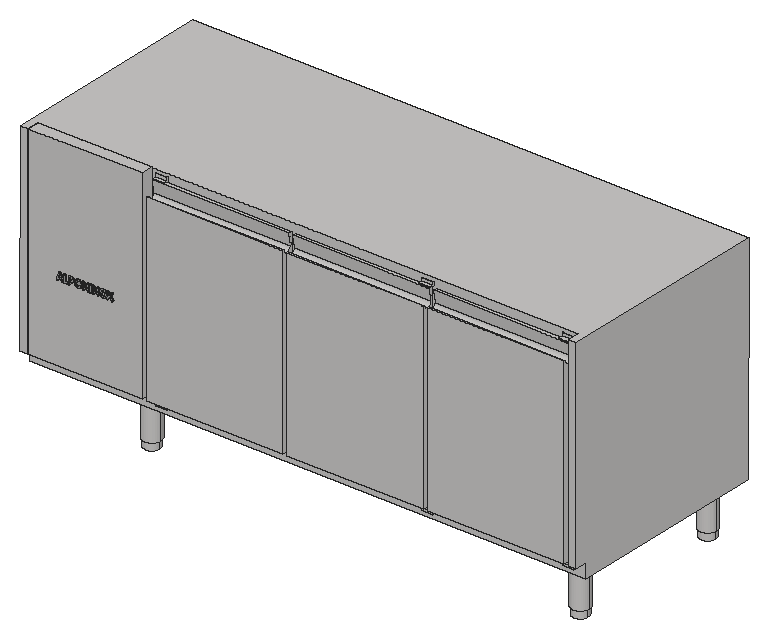
Revit family "QF_ALPENINOX_712026_AH3H7AAA", category Specialty Equipment, Revit 2018
Family settings
  Round Connector Dimension = Use Diameter
  Part Type = Normal
  Work Plane-Based = No
  Always vertical = Yes
  Cut with Voids When Loaded = No
  Shared = No
  Room Calculation Point = No
Parameters
  Weight = 0.00 kg
  Watts = 0.0232258 W
  Volts = 220 V
  URL Manufacturer = "http://www.alpeninox.com/"
  URL = "http://www.alpeninox.com/"
  Steam Supply Size = 0 mm
  Steam Supply Minimum Pressure = 0.0 Pa
  Steam Supply Maximum Pressure = 0.0 Pa
  Steam Pounds per Hour = 0
  Show Logo [instance] = yes
  Show Clearance [instance] = yes
  Refrigeration Suction Line Size = 0 mm
  Refrigeration Liquid Line Size = 0 mm
  Refrigerant Compressor Remote = yes
  Manufacturer = "Alpeninox"
  Phase = 1
  Model = "AH3H7AAA"
  Length Actual = 1795 mm  # constant formula
  Item Number = "712026"
  Hot Water Size = 0 mm
  Height Actual = 850 mm  # constant formula
  HP = "0.3 HP"
  Gas Size = 0 mm
  Gas KW = 0
  Gas Input Pressure = 0 W
  Description = "3DOORS REFRIG.TABLE 440L-NO TOP"
  Depth Actual = 700 mm  # constant formula
  Cycle = 50 Hz
  Condensate Return Size = 0 mm
  Compressed Air Volume = 0.0 L/s
  Compressed Air Size = 0 mm
  Compressed Air Pressure = 0.0 Pa
  Cold Water Size = 0 mm
  Accessory = yes
Reference planes
  plane 1 "Center X": y = 182.5
  plane 2: z = 0
  plane 3 "Center Y": x = -353.5
  plane 4: y = -62.5
  plane 5: y = 451.5
  plane 6 "BACK": y = 532.5
  plane 7 "FRONT": y = -167.5
  plane 8: x = -906
  plane 9: x = 478
  plane 10: z = 150
  plane 11 "TOP": z = 900
  plane 12: z = 850
  plane 13 "LEFT": x = -1251
  plane 14 "RIGHT": x = 544
Forms (mm)
  Extrusion 1, solid, material "QF_Finishes_Stainless Steel"
    sketch origin (-353.5, 2, 0) x (0, 1, 0) y (0, 0, 1)
      loop
        line (530.5, 150) -> (530.5, 850) -> (-124.5, 850) -> (-124.5, 150) -> (530.5, 150)
    from -897.5 to 897.5
  Extrusion 2, solid, material "QF_Finishes_Stainless Steel"
    sketch origin (-1022.223, -1524, 150) x (-1, 0, 0) y (0, -1, 0)
      loop
        line (228.777, -1361.5) -> (203.777, -1361.5) -> (203.777, -1401.5) -> (228.777, -1401.5) -> (228.777, -1361.5)
      loop
        line (-1566.223, -1401.5) -> (-1541.223, -1401.5) -> (-1541.223, -1361.5) -> (-1566.223, -1361.5) -> (-1566.223, -1401.5)
    from 47 to 700
  Extrusion 3, solid, material "QF_Finishes_Stainless Steel"
    sketch origin (0, 0, 900) x (-1, 0, 0) y (0, -1, 0)
      loop
        circle (170, -94.5) r 8.45
    from -790.577 to -750
  Extrusion 4, solid, material "QF_Finishes_Stainless Steel"
    sketch origin (0, 0, 0) x (1, 0, 0) y (0, 1, 0)
      loop
        circle (-1167, 451.5) r 4
    from 109.423 to 150
Cuts and joins
  joined: Extrusion 1, Extrusion 2
Lines and regions (mm)
  symbolic lines, style "SpecialityEquipmentHiddenLines"
    curve 1: line (-1251, -122.5, 900) -> (544, -122.5, 900)
    curve 2: line (-850, -162.5, 900) -> (-850, -122.5, 900)
    curve 3: line (-1251, 532.5, 900) -> (544, 532.5, 900)
    curve 4: line (-1251, 532.5, 900) -> (-1251, -162.5, 900)
    curve 5: line (-1251, -162.5, 900) -> (544, -162.5, 900)
    curve 6: line (544, -162.5, 900) -> (544, 532.5, 900)
Dimensions and locks
  locked: plane 6 "BACK" to plane 7 "FRONT" at 700
  equal spacing: plane 6 "BACK", plane 1 "Center X", plane 7 "FRONT"
  locked: plane 6 "BACK" to plane 5 at 81
  plane 10 to level = 150 mm
  plane 11 "TOP" to plane 12 to plane 10 = 50 mm locked, 700 mm locked
  locked: Extrusion 2 sketch curve to Extrusion 2 sketch curve at 25  (x2)
  locked: plane 4 to plane 7 "FRONT" at 105
  locked: plane 6 "BACK" to Extrusion 3 sketch curve at 438
  equal spacing: plane 13 "LEFT", plane 3 "Center Y", plane 14 "RIGHT"
  plane 13 "LEFT" to plane 14 "RIGHT" = 1795 mm
  locked: plane 13 "LEFT" to plane 8 at 345
  locked: plane 9 to plane 14 "RIGHT" at 66
  Extrusion 3 sketch curve to plane 14 "RIGHT" = 714 mm
  plane 13 "LEFT" to Extrusion 4 sketch curve = 84 mm
  locked: plane 6 "BACK" to Extrusion 4 sketch curve at 81
  locked: plane 10 to Extrusion 4 at 40.577
  aligned and locked: level to plane 2
  aligned and locked: plane 10 to Extrusion 3
  aligned and locked: nested 4 to plane 4
  aligned and locked: nested 1 to plane 4
  aligned and locked: nested 3 to plane 5
  aligned and locked: nested 2 to plane 5
  aligned and locked: plane 8 to nested 1
  aligned and locked: plane 8 to nested 2
  aligned and locked: plane 9 to nested 4
  aligned and locked: plane 9 to nested 3
  aligned and locked: Extrusion 1 to Extrusion 2
  aligned and locked: Extrusion 2 to Extrusion 1
  aligned and locked: Extrusion 2 sketch curve to plane 14 "RIGHT"
  aligned and locked: plane 13 "LEFT" to Extrusion 2 sketch curve
  aligned and locked: cut or joined group of Extrusion 1, Extrusion 2 to plane 10
  aligned and locked: plane 12 to cut or joined group of Extrusion 1, Extrusion 2
  aligned and locked: plane 10 to Extrusion 4
Automatic sketch dimensions
  Extrusion 1 sketch curve to plane 10 = 0 mm
  Extrusion 1 sketch curve to plane 12 = 0 mm
  Extrusion 1 sketch curve to plane 6 "BACK" = 0 mm
  plane 7 "FRONT" to Extrusion 1 sketch curve = 45 mm
  plane 7 "FRONT" to Extrusion 2 sketch curve = 45 mm  (x2)
  plane 7 "FRONT" to Extrusion 2 sketch curve = 5 mm  (x2)
  curve 6 to plane 6 "BACK" = 0 mm
  curve 6 to plane 14 "RIGHT" = 0 mm
  curve 5 to plane 13 "LEFT" = 0 mm
  plane 7 "FRONT" to curve 5 = 5 mm
  plane 8 to curve 2 = 56 mm
  curve 1 to curve 4 = 40 mm
  radius of Extrusion 3 sketch curve = 8.45 mm
  radius of Extrusion 4 sketch curve = 4 mm
Nested families
  nested 1: "Foot_Ø50_H150" at (-906, -62.5, 0), type "Foot_Ø50_H150"
  nested 2: "Foot_Ø50_H150" at (-906, 451.5, 0), type "Foot_Ø50_H150"
  nested 3: "Foot_Ø50_H150" at (478, 451.5, 0), type "Foot_Ø50_H150"
  nested 4: "Foot_Ø50_H150" at (478, -62.5, 0), type "Foot_Ø50_H150"
  nested 5: "Door" at (285, -164.5, 0), Show Clearance <- "Show Clearance", type "Door"
  nested 6: "Door" at (-169, -164.5, 0), Show Clearance <- "Show Clearance", type "Door"
  nested 7: "Refrigerator" at (544, -167.5, 900), type "Refrigerator"
  nested 8: "ALP_Cooling Unit" at (-1041.5, -164.5, 0), Show Logo <- "Show Logo", type "ALP_Cooling Unit"
  nested 9: "Door" at (-623, -164.5, 0) x (-1, 0, 0) z (0, 0, 1), Show Clearance <- "Show Clearance", type "Door"
Connectors
  electrical at (-1167, 451.5, 109.423), driven by "Volts"
    settings: on Extrusion 4, index 4, voltage 220 V, apparent load 0 VA, apparent load phase1 0 VA, apparent load phase2 0 VA, apparent load phase3 0 VA, power factor 1, load classification "Altro", number of poles 1, system type 30, power factor state 1, is connector primary yes, connector utility no, sub classification motor no, connector description "Electrical Connection"
  piping at (-170, 94.5, 109.423), diameter 17
    settings: on Extrusion 3, index 5, connector inside diameter 609.6 mm, connector length 0 mm, flow factor 0, pipe flow 0.0 L/s, pressure drop 0.0 Pa, fitting loss kfactor 0, connector angle 0.00°, fixture units 0, engagement length 0 mm, angle of deflection 0.00°, flow configuration 1, flow direction 2, fitting loss method 0, system type 16, joint type 0, gender type 0, connector reference index -1, connector utility 0, adjustable connector no, is connector primary yes, connector description "Drain"
Definition of nested family "Foot_Ø50_H150"
  Reference planes
    plane 1 "Centro (Fronte/Retro)": y = 0
    plane 2: z = 0
    plane 3 "Centro (Sinistra/Destra)": x = 0
    plane 4: z = 150
  Forms (mm)
    Revolve 1, solid
      sketch origin (255.05, 0, 608.09) x (0, 0, 1) y (-1, 0, 0)
        loop
          line (-608.09, 255.05) -> (-608.09, 230.05) -> (-583.09, 230.05) -> (-583.09, 226.05) -> (-458.09, 226.05) -> (-458.09, 255.05) -> (-608.09, 255.05)
        axis (-608.09, 255.05) -> (-458.09, 255.05)
      angle from 0 to 360
  Dimensions and locks
    locked: Revolve 1 sketch curve to Revolve 1 sketch curve at 125
    aligned and locked: level to plane 2
    aligned and locked: plane 4 to Revolve 1 sketch curve
    aligned and locked: Revolve 1 sketch curve to level
    aligned and locked: plane 3 "Centro (Sinistra/Destra)" to Revolve 1 sketch curve
Definition of nested family "Door"
  Parameters
    Show Clearance [instance] = yes
  Reference planes
    plane 1 "FRONT": y = -3
    plane 2: z = 0
    plane 3 "Centro (Sinistra/Destra)": x = 0
    plane 4: z = 150
    plane 5: z = 850
    plane 6: x = -234
    plane 7: x = 234
    plane 8: x = -220
    plane 9: x = 220
  Forms (mm)
    Extrusion 1, solid
      sketch origin (0, 53, 511) x (0, 0, 1) y (0, -1, 0)
        loop
          line (-323.003, 28.5) -> (-316.501, 28.5) -> (-316.501, 31) -> (-325.503, 31) -> (-325.503, 13.5) -> (-345.503, 13.5) -> (-345.503, 11) -> (-323.003, 11) -> (-323.003, 23.259) -> (-323.003, 28.5)
        loop
          line (-314, 27) -> (-316.501, 27) -> (-316.501, 18.501) -> (-319.752, 18.501) -> (-319.752, 16) -> (-314, 16) -> (-314, 27)
        loop
          line (315.003, 27) -> (315.003, 13.948) -> (315.003, 11) -> (327.503, 11) -> (327.503, 13.5) -> (317.503, 13.5) -> (317.503, 27) -> (315.003, 27)
      from 185 to 220
    Extrusion 2, solid, visible <- "Show Clearance", detail levels coarse
      sketch origin (0, 53, 511) x (0, -1, 0) y (1, 0, 0)
        loop
          line (51, 220) -> (51, -220)
          arc (51, -220) -> (339.234, -79.44) -> (454, 220) r 437.168
          line (454, 220) -> (51, 220)
      from -314 to 314
    Extrusion 3, solid
      sketch origin (0, 55, 511) x (0, 0, 1) y (0, -1, 0)
        loop
          line (314, 18) -> (314, 29) -> (274.395, 22.5)
          arc (274.395, 22.5) -> (260.395, 36.5) -> (274.395, 50.5) r 14
          line (274.395, 50.5) -> (274.395, 53) -> (-314, 53) -> (-314, 18) -> (314, 18)
      from -220 to 220
  Lines and regions (mm)
    symbolic lines
      curve 1: line (220, -3, 0) -> (220, -401, 0)
      curve 2: line (220, -401, 0) -> (185, -401, 0)
      curve 3: line (185, -401, 0) -> (185, -3, 0)
      curve 4: arc (-219.722, -3, 0) -> (-89.51, -275.368, 0) -> (185, -401, 0) r 442.855
  Dimensions and locks
    aligned and locked: level to plane 2
Definition of nested family "ALP_Cooling Unit"
  Parameters
    Show Logo [instance] = yes
  Reference planes
    plane 1 "FRONT": y = -3
    plane 2: z = 0
    plane 3 "Centro (Sinistra/Destra)": x = 0
    plane 4: z = 150
    plane 5: z = 850
    plane 6: x = -184.5
    plane 7: x = 184.5
  Forms (mm)
    Extrusion 1, solid
      sketch origin (0, 55, 511) x (0, 0, 1) y (0, -1, 0)
        loop
          line (-314, 53) -> (-314, 13) -> (339, 13) -> (339, 53) -> (-314, 53)
      from -184.5 to 184.5
  Lines and regions (mm)
    Split face 1
      outline origin (0, 2, 197) x (0, 0, 1) y (-1, 0, 0)
        loop
          line (566.835, 184.5) -> (566.835, -184.5)
        loop
          line (521.835, 184.5) -> (521.835, -184.5)
    Split face 2
      outline origin (0, 2, 197) x (0, 0, 1) y (-1, 0, 0)
        loop
          line (526.835, -184.5) -> (526.835, 150.5)
          arc (526.835, 150.5) -> (544.335, 168) -> (561.835, 150.5) r 17.5
          line (561.835, 150.5) -> (561.835, -184.5)
    Split face 3
      outline origin (0, 2, 197) x (0, 0, 1) y (-1, 0, 0)
        loop
          line (555.835, 149.5) -> (532.835, 149.5) -> (532.835, 94.5) -> (555.835, 94.5) -> (555.835, 149.5)
    Split face 4
      outline origin (0, 2, 197) x (0, 0, 1) y (-1, 0, 0)
        loop
          arc (510.649, 158.547) -> (506.648, 162.548) -> (502.647, 158.547) r 4.001
          line (502.647, 158.547) -> (502.647, 116.535)
          arc (502.647, 116.535) -> (506.648, 112.533) -> (510.649, 116.535) r 4.001
          line (510.649, 116.535) -> (510.649, 158.547)
    Split face 5
      outline origin (0, 2, 184.996) x (0, 0, 1) y (-1, 0, 0)
        loop
          arc (510.649, 158.547) -> (506.648, 162.548) -> (502.647, 158.547) r 4.001
          line (502.647, 158.547) -> (502.647, 116.535)
          arc (502.647, 116.535) -> (506.648, 112.533) -> (510.649, 116.535) r 4.001
          line (510.649, 116.535) -> (510.649, 158.547)
    Split face 6
      outline origin (0, 2, 172.993) x (0, 0, 1) y (-1, 0, 0)
        loop
          arc (510.649, 158.547) -> (506.648, 162.548) -> (502.647, 158.547) r 4.001
          line (502.647, 158.547) -> (502.647, 116.535)
          arc (502.647, 116.535) -> (506.648, 112.533) -> (510.649, 116.535) r 4.001
          line (510.649, 116.535) -> (510.649, 158.547)
    Split face 7
      outline origin (0, 2, 160.989) x (0, 0, 1) y (-1, 0, 0)
        loop
          arc (510.649, 158.547) -> (506.648, 162.548) -> (502.647, 158.547) r 4.001
          line (502.647, 158.547) -> (502.647, 116.535)
          arc (502.647, 116.535) -> (506.648, 112.533) -> (510.649, 116.535) r 4.001
          line (510.649, 116.535) -> (510.649, 158.547)
    Split face 8
      outline origin (0, 2, 148.986) x (0, 0, 1) y (-1, 0, 0)
        loop
          arc (510.649, 158.547) -> (506.648, 162.548) -> (502.647, 158.547) r 4.001
          line (502.647, 158.547) -> (502.647, 116.535)
          arc (502.647, 116.535) -> (506.648, 112.533) -> (510.649, 116.535) r 4.001
          line (510.649, 116.535) -> (510.649, 158.547)
    Split face 9
      outline origin (0, 2, 136.982) x (0, 0, 1) y (-1, 0, 0)
        loop
          arc (510.649, 158.547) -> (506.648, 162.548) -> (502.647, 158.547) r 4.001
          line (502.647, 158.547) -> (502.647, 116.535)
          arc (502.647, 116.535) -> (506.648, 112.533) -> (510.649, 116.535) r 4.001
          line (510.649, 116.535) -> (510.649, 158.547)
    Split face 10
      outline origin (0, 2, 124.979) x (0, 0, 1) y (-1, 0, 0)
        loop
          arc (510.649, 158.547) -> (506.648, 162.548) -> (502.647, 158.547) r 4.001
          line (502.647, 158.547) -> (502.647, 116.535)
          arc (502.647, 116.535) -> (506.648, 112.533) -> (510.649, 116.535) r 4.001
          line (510.649, 116.535) -> (510.649, 158.547)
    Split face 11
      outline origin (0, 2, 112.975) x (0, 0, 1) y (-1, 0, 0)
        loop
          arc (510.649, 158.547) -> (506.648, 162.548) -> (502.647, 158.547) r 4.001
          line (502.647, 158.547) -> (502.647, 116.535)
          arc (502.647, 116.535) -> (506.648, 112.533) -> (510.649, 116.535) r 4.001
          line (510.649, 116.535) -> (510.649, 158.547)
    Split face 12
      outline origin (0, 2, 100.972) x (0, 0, 1) y (-1, 0, 0)
        loop
          arc (510.649, 158.547) -> (506.648, 162.548) -> (502.647, 158.547) r 4.001
          line (502.647, 158.547) -> (502.647, 116.535)
          arc (502.647, 116.535) -> (506.648, 112.533) -> (510.649, 116.535) r 4.001
          line (510.649, 116.535) -> (510.649, 158.547)
    Split face 13
      outline origin (0, 2, 88.968) x (0, 0, 1) y (-1, 0, 0)
        loop
          arc (510.649, 158.547) -> (506.648, 162.548) -> (502.647, 158.547) r 4.001
          line (502.647, 158.547) -> (502.647, 116.535)
          arc (502.647, 116.535) -> (506.648, 112.533) -> (510.649, 116.535) r 4.001
          line (510.649, 116.535) -> (510.649, 158.547)
    Split face 14
      outline origin (0, 2, 76.965) x (0, 0, 1) y (-1, 0, 0)
        loop
          arc (510.649, 158.547) -> (506.648, 162.548) -> (502.647, 158.547) r 4.001
          line (502.647, 158.547) -> (502.647, 116.535)
          arc (502.647, 116.535) -> (506.648, 112.533) -> (510.649, 116.535) r 4.001
          line (510.649, 116.535) -> (510.649, 158.547)
    Split face 15
      outline origin (0, 2, 64.961) x (0, 0, 1) y (-1, 0, 0)
        loop
          arc (510.649, 158.547) -> (506.648, 162.548) -> (502.647, 158.547) r 4.001
          line (502.647, 158.547) -> (502.647, 116.535)
          arc (502.647, 116.535) -> (506.648, 112.533) -> (510.649, 116.535) r 4.001
          line (510.649, 116.535) -> (510.649, 158.547)
    Split face 16
      outline origin (0, 2, 52.958) x (0, 0, 1) y (-1, 0, 0)
        loop
          arc (510.649, 158.547) -> (506.648, 162.548) -> (502.647, 158.547) r 4.001
          line (502.647, 158.547) -> (502.647, 116.535)
          arc (502.647, 116.535) -> (506.648, 112.533) -> (510.649, 116.535) r 4.001
          line (510.649, 116.535) -> (510.649, 158.547)
    Split face 17
      outline origin (0, 2, 40.954) x (0, 0, 1) y (-1, 0, 0)
        loop
          arc (510.649, 158.547) -> (506.648, 162.548) -> (502.647, 158.547) r 4.001
          line (502.647, 158.547) -> (502.647, 116.535)
          arc (502.647, 116.535) -> (506.648, 112.533) -> (510.649, 116.535) r 4.001
          line (510.649, 116.535) -> (510.649, 158.547)
    Split face 18
      outline origin (0, 2, 28.951) x (0, 0, 1) y (-1, 0, 0)
        loop
          arc (510.649, 158.547) -> (506.648, 162.548) -> (502.647, 158.547) r 4.001
          line (502.647, 158.547) -> (502.647, 116.535)
          arc (502.647, 116.535) -> (506.648, 112.533) -> (510.649, 116.535) r 4.001
          line (510.649, 116.535) -> (510.649, 158.547)
    Split face 19
      outline origin (0, 2, 16.947) x (0, 0, 1) y (-1, 0, 0)
        loop
          arc (510.649, 158.547) -> (506.648, 162.548) -> (502.647, 158.547) r 4.001
          line (502.647, 158.547) -> (502.647, 116.535)
          arc (502.647, 116.535) -> (506.648, 112.533) -> (510.649, 116.535) r 4.001
          line (510.649, 116.535) -> (510.649, 158.547)
    Split face 20
      outline origin (55.016, 2, 197) x (0, 0, 1) y (-1, 0, 0)
        loop
          arc (510.649, 158.547) -> (506.648, 162.548) -> (502.647, 158.547) r 4.001
          line (502.647, 158.547) -> (502.647, 116.535)
          arc (502.647, 116.535) -> (506.648, 112.533) -> (510.649, 116.535) r 4.001
          line (510.649, 116.535) -> (510.649, 158.547)
    Split face 21
      outline origin (55.016, 2, 184.996) x (0, 0, 1) y (-1, 0, 0)
        loop
          arc (510.649, 158.547) -> (506.648, 162.548) -> (502.647, 158.547) r 4.001
          line (502.647, 158.547) -> (502.647, 116.535)
          arc (502.647, 116.535) -> (506.648, 112.533) -> (510.649, 116.535) r 4.001
          line (510.649, 116.535) -> (510.649, 158.547)
    Split face 22
      outline origin (55.016, 2, 172.993) x (0, 0, 1) y (-1, 0, 0)
        loop
          arc (510.649, 158.547) -> (506.648, 162.548) -> (502.647, 158.547) r 4.001
          line (502.647, 158.547) -> (502.647, 116.535)
          arc (502.647, 116.535) -> (506.648, 112.533) -> (510.649, 116.535) r 4.001
          line (510.649, 116.535) -> (510.649, 158.547)
    Split face 23
      outline origin (55.016, 2, 160.989) x (0, 0, 1) y (-1, 0, 0)
        loop
          arc (510.649, 158.547) -> (506.648, 162.548) -> (502.647, 158.547) r 4.001
          line (502.647, 158.547) -> (502.647, 116.535)
          arc (502.647, 116.535) -> (506.648, 112.533) -> (510.649, 116.535) r 4.001
          line (510.649, 116.535) -> (510.649, 158.547)
    Split face 24
      outline origin (55.016, 2, 148.986) x (0, 0, 1) y (-1, 0, 0)
        loop
          arc (510.649, 158.547) -> (506.648, 162.548) -> (502.647, 158.547) r 4.001
          line (502.647, 158.547) -> (502.647, 116.535)
          arc (502.647, 116.535) -> (506.648, 112.533) -> (510.649, 116.535) r 4.001
          line (510.649, 116.535) -> (510.649, 158.547)
    Split face 25
      outline origin (55.016, 2, 136.982) x (0, 0, 1) y (-1, 0, 0)
        loop
          arc (510.649, 158.547) -> (506.648, 162.548) -> (502.647, 158.547) r 4.001
          line (502.647, 158.547) -> (502.647, 116.535)
          arc (502.647, 116.535) -> (506.648, 112.533) -> (510.649, 116.535) r 4.001
          line (510.649, 116.535) -> (510.649, 158.547)
    Split face 26
      outline origin (55.016, 2, 124.979) x (0, 0, 1) y (-1, 0, 0)
        loop
          arc (510.649, 158.547) -> (506.648, 162.548) -> (502.647, 158.547) r 4.001
          line (502.647, 158.547) -> (502.647, 116.535)
          arc (502.647, 116.535) -> (506.648, 112.533) -> (510.649, 116.535) r 4.001
          line (510.649, 116.535) -> (510.649, 158.547)
    Split face 27
      outline origin (55.016, 2, 112.975) x (0, 0, 1) y (-1, 0, 0)
        loop
          arc (510.649, 158.547) -> (506.648, 162.548) -> (502.647, 158.547) r 4.001
          line (502.647, 158.547) -> (502.647, 116.535)
          arc (502.647, 116.535) -> (506.648, 112.533) -> (510.649, 116.535) r 4.001
          line (510.649, 116.535) -> (510.649, 158.547)
    Split face 28
      outline origin (55.016, 2, 100.972) x (0, 0, 1) y (-1, 0, 0)
        loop
          arc (510.649, 158.547) -> (506.648, 162.548) -> (502.647, 158.547) r 4.001
          line (502.647, 158.547) -> (502.647, 116.535)
          arc (502.647, 116.535) -> (506.648, 112.533) -> (510.649, 116.535) r 4.001
          line (510.649, 116.535) -> (510.649, 158.547)
    Split face 29
      outline origin (55.016, 2, 88.968) x (0, 0, 1) y (-1, 0, 0)
        loop
          arc (510.649, 158.547) -> (506.648, 162.548) -> (502.647, 158.547) r 4.001
          line (502.647, 158.547) -> (502.647, 116.535)
          arc (502.647, 116.535) -> (506.648, 112.533) -> (510.649, 116.535) r 4.001
          line (510.649, 116.535) -> (510.649, 158.547)
    Split face 30
      outline origin (55.016, 2, 76.965) x (0, 0, 1) y (-1, 0, 0)
        loop
          arc (510.649, 158.547) -> (506.648, 162.548) -> (502.647, 158.547) r 4.001
          line (502.647, 158.547) -> (502.647, 116.535)
          arc (502.647, 116.535) -> (506.648, 112.533) -> (510.649, 116.535) r 4.001
          line (510.649, 116.535) -> (510.649, 158.547)
    Split face 31
      outline origin (55.016, 2, 64.961) x (0, 0, 1) y (-1, 0, 0)
        loop
          arc (510.649, 158.547) -> (506.648, 162.548) -> (502.647, 158.547) r 4.001
          line (502.647, 158.547) -> (502.647, 116.535)
          arc (502.647, 116.535) -> (506.648, 112.533) -> (510.649, 116.535) r 4.001
          line (510.649, 116.535) -> (510.649, 158.547)
    Split face 32
      outline origin (55.016, 2, 52.958) x (0, 0, 1) y (-1, 0, 0)
        loop
          arc (510.649, 158.547) -> (506.648, 162.548) -> (502.647, 158.547) r 4.001
          line (502.647, 158.547) -> (502.647, 116.535)
          arc (502.647, 116.535) -> (506.648, 112.533) -> (510.649, 116.535) r 4.001
          line (510.649, 116.535) -> (510.649, 158.547)
    Split face 33
      outline origin (55.016, 2, 40.954) x (0, 0, 1) y (-1, 0, 0)
        loop
          arc (510.649, 158.547) -> (506.648, 162.548) -> (502.647, 158.547) r 4.001
          line (502.647, 158.547) -> (502.647, 116.535)
          arc (502.647, 116.535) -> (506.648, 112.533) -> (510.649, 116.535) r 4.001
          line (510.649, 116.535) -> (510.649, 158.547)
    Split face 34
      outline origin (55.016, 2, 28.951) x (0, 0, 1) y (-1, 0, 0)
        loop
          arc (510.649, 158.547) -> (506.648, 162.548) -> (502.647, 158.547) r 4.001
          line (502.647, 158.547) -> (502.647, 116.535)
          arc (502.647, 116.535) -> (506.648, 112.533) -> (510.649, 116.535) r 4.001
          line (510.649, 116.535) -> (510.649, 158.547)
    Split face 35
      outline origin (55.016, 2, 16.947) x (0, 0, 1) y (-1, 0, 0)
        loop
          arc (510.649, 158.547) -> (506.648, 162.548) -> (502.647, 158.547) r 4.001
          line (502.647, 158.547) -> (502.647, 116.535)
          arc (502.647, 116.535) -> (506.648, 112.533) -> (510.649, 116.535) r 4.001
          line (510.649, 116.535) -> (510.649, 158.547)
    Split face 36
      outline origin (110.032, 2, 197) x (0, 0, 1) y (-1, 0, 0)
        loop
          arc (510.649, 158.547) -> (506.648, 162.548) -> (502.647, 158.547) r 4.001
          line (502.647, 158.547) -> (502.647, 116.535)
          arc (502.647, 116.535) -> (506.648, 112.533) -> (510.649, 116.535) r 4.001
          line (510.649, 116.535) -> (510.649, 158.547)
    Split face 37
      outline origin (110.032, 2, 184.996) x (0, 0, 1) y (-1, 0, 0)
        loop
          arc (510.649, 158.547) -> (506.648, 162.548) -> (502.647, 158.547) r 4.001
          line (502.647, 158.547) -> (502.647, 116.535)
          arc (502.647, 116.535) -> (506.648, 112.533) -> (510.649, 116.535) r 4.001
          line (510.649, 116.535) -> (510.649, 158.547)
    Split face 38
      outline origin (110.032, 2, 172.993) x (0, 0, 1) y (-1, 0, 0)
        loop
          arc (510.649, 158.547) -> (506.648, 162.548) -> (502.647, 158.547) r 4.001
          line (502.647, 158.547) -> (502.647, 116.535)
          arc (502.647, 116.535) -> (506.648, 112.533) -> (510.649, 116.535) r 4.001
          line (510.649, 116.535) -> (510.649, 158.547)
    Split face 39
      outline origin (110.032, 2, 160.989) x (0, 0, 1) y (-1, 0, 0)
        loop
          arc (510.649, 158.547) -> (506.648, 162.548) -> (502.647, 158.547) r 4.001
          line (502.647, 158.547) -> (502.647, 116.535)
          arc (502.647, 116.535) -> (506.648, 112.533) -> (510.649, 116.535) r 4.001
          line (510.649, 116.535) -> (510.649, 158.547)
    Split face 40
      outline origin (110.032, 2, 148.986) x (0, 0, 1) y (-1, 0, 0)
        loop
          arc (510.649, 158.547) -> (506.648, 162.548) -> (502.647, 158.547) r 4.001
          line (502.647, 158.547) -> (502.647, 116.535)
          arc (502.647, 116.535) -> (506.648, 112.533) -> (510.649, 116.535) r 4.001
          line (510.649, 116.535) -> (510.649, 158.547)
    Split face 41
      outline origin (110.032, 2, 136.982) x (0, 0, 1) y (-1, 0, 0)
        loop
          arc (510.649, 158.547) -> (506.648, 162.548) -> (502.647, 158.547) r 4.001
          line (502.647, 158.547) -> (502.647, 116.535)
          arc (502.647, 116.535) -> (506.648, 112.533) -> (510.649, 116.535) r 4.001
          line (510.649, 116.535) -> (510.649, 158.547)
    Split face 42
      outline origin (110.032, 2, 124.979) x (0, 0, 1) y (-1, 0, 0)
        loop
          arc (510.649, 158.547) -> (506.648, 162.548) -> (502.647, 158.547) r 4.001
          line (502.647, 158.547) -> (502.647, 116.535)
          arc (502.647, 116.535) -> (506.648, 112.533) -> (510.649, 116.535) r 4.001
          line (510.649, 116.535) -> (510.649, 158.547)
    Split face 43
      outline origin (110.032, 2, 112.975) x (0, 0, 1) y (-1, 0, 0)
        loop
          arc (510.649, 158.547) -> (506.648, 162.548) -> (502.647, 158.547) r 4.001
          line (502.647, 158.547) -> (502.647, 116.535)
          arc (502.647, 116.535) -> (506.648, 112.533) -> (510.649, 116.535) r 4.001
          line (510.649, 116.535) -> (510.649, 158.547)
    Split face 44
      outline origin (110.032, 2, 100.972) x (0, 0, 1) y (-1, 0, 0)
        loop
          arc (510.649, 158.547) -> (506.648, 162.548) -> (502.647, 158.547) r 4.001
          line (502.647, 158.547) -> (502.647, 116.535)
          arc (502.647, 116.535) -> (506.648, 112.533) -> (510.649, 116.535) r 4.001
          line (510.649, 116.535) -> (510.649, 158.547)
    Split face 45
      outline origin (110.032, 2, 88.968) x (0, 0, 1) y (-1, 0, 0)
        loop
          arc (510.649, 158.547) -> (506.648, 162.548) -> (502.647, 158.547) r 4.001
          line (502.647, 158.547) -> (502.647, 116.535)
          arc (502.647, 116.535) -> (506.648, 112.533) -> (510.649, 116.535) r 4.001
          line (510.649, 116.535) -> (510.649, 158.547)
    Split face 46
      outline origin (110.032, 2, 76.965) x (0, 0, 1) y (-1, 0, 0)
        loop
          arc (510.649, 158.547) -> (506.648, 162.548) -> (502.647, 158.547) r 4.001
          line (502.647, 158.547) -> (502.647, 116.535)
          arc (502.647, 116.535) -> (506.648, 112.533) -> (510.649, 116.535) r 4.001
          line (510.649, 116.535) -> (510.649, 158.547)
    Split face 47
      outline origin (110.032, 2, 64.961) x (0, 0, 1) y (-1, 0, 0)
        loop
          arc (510.649, 158.547) -> (506.648, 162.548) -> (502.647, 158.547) r 4.001
          line (502.647, 158.547) -> (502.647, 116.535)
          arc (502.647, 116.535) -> (506.648, 112.533) -> (510.649, 116.535) r 4.001
          line (510.649, 116.535) -> (510.649, 158.547)
    Split face 48
      outline origin (110.032, 2, 52.958) x (0, 0, 1) y (-1, 0, 0)
        loop
          arc (510.649, 158.547) -> (506.648, 162.548) -> (502.647, 158.547) r 4.001
          line (502.647, 158.547) -> (502.647, 116.535)
          arc (502.647, 116.535) -> (506.648, 112.533) -> (510.649, 116.535) r 4.001
          line (510.649, 116.535) -> (510.649, 158.547)
    Split face 49
      outline origin (110.032, 2, 40.954) x (0, 0, 1) y (-1, 0, 0)
        loop
          arc (510.649, 158.547) -> (506.648, 162.548) -> (502.647, 158.547) r 4.001
          line (502.647, 158.547) -> (502.647, 116.535)
          arc (502.647, 116.535) -> (506.648, 112.533) -> (510.649, 116.535) r 4.001
          line (510.649, 116.535) -> (510.649, 158.547)
    Split face 50
      outline origin (110.032, 2, 28.951) x (0, 0, 1) y (-1, 0, 0)
        loop
          arc (510.649, 158.547) -> (506.648, 162.548) -> (502.647, 158.547) r 4.001
          line (502.647, 158.547) -> (502.647, 116.535)
          arc (502.647, 116.535) -> (506.648, 112.533) -> (510.649, 116.535) r 4.001
          line (510.649, 116.535) -> (510.649, 158.547)
    Split face 51
      outline origin (110.032, 2, 16.947) x (0, 0, 1) y (-1, 0, 0)
        loop
          arc (510.649, 158.547) -> (506.648, 162.548) -> (502.647, 158.547) r 4.001
          line (502.647, 158.547) -> (502.647, 116.535)
          arc (502.647, 116.535) -> (506.648, 112.533) -> (510.649, 116.535) r 4.001
          line (510.649, 116.535) -> (510.649, 158.547)
    Split face 52
      outline origin (165.048, 2, 197) x (0, 0, 1) y (-1, 0, 0)
        loop
          arc (510.649, 158.547) -> (506.648, 162.548) -> (502.647, 158.547) r 4.001
          line (502.647, 158.547) -> (502.647, 116.535)
          arc (502.647, 116.535) -> (506.648, 112.533) -> (510.649, 116.535) r 4.001
          line (510.649, 116.535) -> (510.649, 158.547)
    Split face 53
      outline origin (165.048, 2, 184.996) x (0, 0, 1) y (-1, 0, 0)
        loop
          arc (510.649, 158.547) -> (506.648, 162.548) -> (502.647, 158.547) r 4.001
          line (502.647, 158.547) -> (502.647, 116.535)
          arc (502.647, 116.535) -> (506.648, 112.533) -> (510.649, 116.535) r 4.001
          line (510.649, 116.535) -> (510.649, 158.547)
    Split face 54
      outline origin (165.048, 2, 172.993) x (0, 0, 1) y (-1, 0, 0)
        loop
          arc (510.649, 158.547) -> (506.648, 162.548) -> (502.647, 158.547) r 4.001
          line (502.647, 158.547) -> (502.647, 116.535)
          arc (502.647, 116.535) -> (506.648, 112.533) -> (510.649, 116.535) r 4.001
          line (510.649, 116.535) -> (510.649, 158.547)
    Split face 55
      outline origin (165.048, 2, 160.989) x (0, 0, 1) y (-1, 0, 0)
        loop
          arc (510.649, 158.547) -> (506.648, 162.548) -> (502.647, 158.547) r 4.001
          line (502.647, 158.547) -> (502.647, 116.535)
          arc (502.647, 116.535) -> (506.648, 112.533) -> (510.649, 116.535) r 4.001
          line (510.649, 116.535) -> (510.649, 158.547)
    Split face 56
      outline origin (165.048, 2, 148.986) x (0, 0, 1) y (-1, 0, 0)
        loop
          arc (510.649, 158.547) -> (506.648, 162.548) -> (502.647, 158.547) r 4.001
          line (502.647, 158.547) -> (502.647, 116.535)
          arc (502.647, 116.535) -> (506.648, 112.533) -> (510.649, 116.535) r 4.001
          line (510.649, 116.535) -> (510.649, 158.547)
    Split face 57
      outline origin (165.048, 2, 136.982) x (0, 0, 1) y (-1, 0, 0)
        loop
          arc (510.649, 158.547) -> (506.648, 162.548) -> (502.647, 158.547) r 4.001
          line (502.647, 158.547) -> (502.647, 116.535)
          arc (502.647, 116.535) -> (506.648, 112.533) -> (510.649, 116.535) r 4.001
          line (510.649, 116.535) -> (510.649, 158.547)
    Split face 58
      outline origin (165.048, 2, 124.979) x (0, 0, 1) y (-1, 0, 0)
        loop
          arc (510.649, 158.547) -> (506.648, 162.548) -> (502.647, 158.547) r 4.001
          line (502.647, 158.547) -> (502.647, 116.535)
          arc (502.647, 116.535) -> (506.648, 112.533) -> (510.649, 116.535) r 4.001
          line (510.649, 116.535) -> (510.649, 158.547)
    Split face 59
      outline origin (165.048, 2, 112.975) x (0, 0, 1) y (-1, 0, 0)
        loop
          arc (510.649, 158.547) -> (506.648, 162.548) -> (502.647, 158.547) r 4.001
          line (502.647, 158.547) -> (502.647, 116.535)
          arc (502.647, 116.535) -> (506.648, 112.533) -> (510.649, 116.535) r 4.001
          line (510.649, 116.535) -> (510.649, 158.547)
    Split face 60
      outline origin (165.048, 2, 100.972) x (0, 0, 1) y (-1, 0, 0)
        loop
          arc (510.649, 158.547) -> (506.648, 162.548) -> (502.647, 158.547) r 4.001
          line (502.647, 158.547) -> (502.647, 116.535)
          arc (502.647, 116.535) -> (506.648, 112.533) -> (510.649, 116.535) r 4.001
          line (510.649, 116.535) -> (510.649, 158.547)
    Split face 61
      outline origin (165.048, 2, 88.968) x (0, 0, 1) y (-1, 0, 0)
        loop
          arc (510.649, 158.547) -> (506.648, 162.548) -> (502.647, 158.547) r 4.001
          line (502.647, 158.547) -> (502.647, 116.535)
          arc (502.647, 116.535) -> (506.648, 112.533) -> (510.649, 116.535) r 4.001
          line (510.649, 116.535) -> (510.649, 158.547)
    Split face 62
      outline origin (165.048, 2, 76.965) x (0, 0, 1) y (-1, 0, 0)
        loop
          arc (510.649, 158.547) -> (506.648, 162.548) -> (502.647, 158.547) r 4.001
          line (502.647, 158.547) -> (502.647, 116.535)
          arc (502.647, 116.535) -> (506.648, 112.533) -> (510.649, 116.535) r 4.001
          line (510.649, 116.535) -> (510.649, 158.547)
    Split face 63
      outline origin (165.048, 2, 64.961) x (0, 0, 1) y (-1, 0, 0)
        loop
          arc (510.649, 158.547) -> (506.648, 162.548) -> (502.647, 158.547) r 4.001
          line (502.647, 158.547) -> (502.647, 116.535)
          arc (502.647, 116.535) -> (506.648, 112.533) -> (510.649, 116.535) r 4.001
          line (510.649, 116.535) -> (510.649, 158.547)
    Split face 64
      outline origin (165.048, 2, 52.958) x (0, 0, 1) y (-1, 0, 0)
        loop
          arc (510.649, 158.547) -> (506.648, 162.548) -> (502.647, 158.547) r 4.001
          line (502.647, 158.547) -> (502.647, 116.535)
          arc (502.647, 116.535) -> (506.648, 112.533) -> (510.649, 116.535) r 4.001
          line (510.649, 116.535) -> (510.649, 158.547)
    Split face 65
      outline origin (165.048, 2, 40.954) x (0, 0, 1) y (-1, 0, 0)
        loop
          arc (510.649, 158.547) -> (506.648, 162.548) -> (502.647, 158.547) r 4.001
          line (502.647, 158.547) -> (502.647, 116.535)
          arc (502.647, 116.535) -> (506.648, 112.533) -> (510.649, 116.535) r 4.001
          line (510.649, 116.535) -> (510.649, 158.547)
    Split face 66
      outline origin (165.048, 2, 28.951) x (0, 0, 1) y (-1, 0, 0)
        loop
          arc (510.649, 158.547) -> (506.648, 162.548) -> (502.647, 158.547) r 4.001
          line (502.647, 158.547) -> (502.647, 116.535)
          arc (502.647, 116.535) -> (506.648, 112.533) -> (510.649, 116.535) r 4.001
          line (510.649, 116.535) -> (510.649, 158.547)
    Split face 67
      outline origin (165.048, 2, 16.947) x (0, 0, 1) y (-1, 0, 0)
        loop
          arc (510.649, 158.547) -> (506.648, 162.548) -> (502.647, 158.547) r 4.001
          line (502.647, 158.547) -> (502.647, 116.535)
          arc (502.647, 116.535) -> (506.648, 112.533) -> (510.649, 116.535) r 4.001
          line (510.649, 116.535) -> (510.649, 158.547)
    Split face 68
      outline origin (220.064, 2, 197) x (0, 0, 1) y (-1, 0, 0)
        loop
          arc (510.649, 158.547) -> (506.648, 162.548) -> (502.647, 158.547) r 4.001
          line (502.647, 158.547) -> (502.647, 116.535)
          arc (502.647, 116.535) -> (506.648, 112.533) -> (510.649, 116.535) r 4.001
          line (510.649, 116.535) -> (510.649, 158.547)
    Split face 69
      outline origin (220.064, 2, 184.996) x (0, 0, 1) y (-1, 0, 0)
        loop
          arc (510.649, 158.547) -> (506.648, 162.548) -> (502.647, 158.547) r 4.001
          line (502.647, 158.547) -> (502.647, 116.535)
          arc (502.647, 116.535) -> (506.648, 112.533) -> (510.649, 116.535) r 4.001
          line (510.649, 116.535) -> (510.649, 158.547)
    Split face 70
      outline origin (220.064, 2, 172.993) x (0, 0, 1) y (-1, 0, 0)
        loop
          arc (510.649, 158.547) -> (506.648, 162.548) -> (502.647, 158.547) r 4.001
          line (502.647, 158.547) -> (502.647, 116.535)
          arc (502.647, 116.535) -> (506.648, 112.533) -> (510.649, 116.535) r 4.001
          line (510.649, 116.535) -> (510.649, 158.547)
    Split face 71
      outline origin (220.064, 2, 160.989) x (0, 0, 1) y (-1, 0, 0)
        loop
          arc (510.649, 158.547) -> (506.648, 162.548) -> (502.647, 158.547) r 4.001
          line (502.647, 158.547) -> (502.647, 116.535)
          arc (502.647, 116.535) -> (506.648, 112.533) -> (510.649, 116.535) r 4.001
          line (510.649, 116.535) -> (510.649, 158.547)
    Split face 72
      outline origin (220.064, 2, 148.986) x (0, 0, 1) y (-1, 0, 0)
        loop
          arc (510.649, 158.547) -> (506.648, 162.548) -> (502.647, 158.547) r 4.001
          line (502.647, 158.547) -> (502.647, 116.535)
          arc (502.647, 116.535) -> (506.648, 112.533) -> (510.649, 116.535) r 4.001
          line (510.649, 116.535) -> (510.649, 158.547)
    Split face 73
      outline origin (220.064, 2, 136.982) x (0, 0, 1) y (-1, 0, 0)
        loop
          arc (510.649, 158.547) -> (506.648, 162.548) -> (502.647, 158.547) r 4.001
          line (502.647, 158.547) -> (502.647, 116.535)
          arc (502.647, 116.535) -> (506.648, 112.533) -> (510.649, 116.535) r 4.001
          line (510.649, 116.535) -> (510.649, 158.547)
    Split face 74
      outline origin (220.064, 2, 124.979) x (0, 0, 1) y (-1, 0, 0)
        loop
          arc (510.649, 158.547) -> (506.648, 162.548) -> (502.647, 158.547) r 4.001
          line (502.647, 158.547) -> (502.647, 116.535)
          arc (502.647, 116.535) -> (506.648, 112.533) -> (510.649, 116.535) r 4.001
          line (510.649, 116.535) -> (510.649, 158.547)
    Split face 75
      outline origin (220.064, 2, 112.975) x (0, 0, 1) y (-1, 0, 0)
        loop
          arc (510.649, 158.547) -> (506.648, 162.548) -> (502.647, 158.547) r 4.001
          line (502.647, 158.547) -> (502.647, 116.535)
          arc (502.647, 116.535) -> (506.648, 112.533) -> (510.649, 116.535) r 4.001
          line (510.649, 116.535) -> (510.649, 158.547)
    Split face 76
      outline origin (220.064, 2, 100.972) x (0, 0, 1) y (-1, 0, 0)
        loop
          arc (510.649, 158.547) -> (506.648, 162.548) -> (502.647, 158.547) r 4.001
          line (502.647, 158.547) -> (502.647, 116.535)
          arc (502.647, 116.535) -> (506.648, 112.533) -> (510.649, 116.535) r 4.001
          line (510.649, 116.535) -> (510.649, 158.547)
    Split face 77
      outline origin (220.064, 2, 88.968) x (0, 0, 1) y (-1, 0, 0)
        loop
          arc (510.649, 158.547) -> (506.648, 162.548) -> (502.647, 158.547) r 4.001
          line (502.647, 158.547) -> (502.647, 116.535)
          arc (502.647, 116.535) -> (506.648, 112.533) -> (510.649, 116.535) r 4.001
          line (510.649, 116.535) -> (510.649, 158.547)
    Split face 78
      outline origin (220.064, 2, 76.965) x (0, 0, 1) y (-1, 0, 0)
        loop
          arc (510.649, 158.547) -> (506.648, 162.548) -> (502.647, 158.547) r 4.001
          line (502.647, 158.547) -> (502.647, 116.535)
          arc (502.647, 116.535) -> (506.648, 112.533) -> (510.649, 116.535) r 4.001
          line (510.649, 116.535) -> (510.649, 158.547)
    Split face 79
      outline origin (220.064, 2, 64.961) x (0, 0, 1) y (-1, 0, 0)
        loop
          arc (510.649, 158.547) -> (506.648, 162.548) -> (502.647, 158.547) r 4.001
          line (502.647, 158.547) -> (502.647, 116.535)
          arc (502.647, 116.535) -> (506.648, 112.533) -> (510.649, 116.535) r 4.001
          line (510.649, 116.535) -> (510.649, 158.547)
    Split face 80
      outline origin (220.064, 2, 52.958) x (0, 0, 1) y (-1, 0, 0)
        loop
          arc (510.649, 158.547) -> (506.648, 162.548) -> (502.647, 158.547) r 4.001
          line (502.647, 158.547) -> (502.647, 116.535)
          arc (502.647, 116.535) -> (506.648, 112.533) -> (510.649, 116.535) r 4.001
          line (510.649, 116.535) -> (510.649, 158.547)
    Split face 81
      outline origin (220.064, 2, 40.954) x (0, 0, 1) y (-1, 0, 0)
        loop
          arc (510.649, 158.547) -> (506.648, 162.548) -> (502.647, 158.547) r 4.001
          line (502.647, 158.547) -> (502.647, 116.535)
          arc (502.647, 116.535) -> (506.648, 112.533) -> (510.649, 116.535) r 4.001
          line (510.649, 116.535) -> (510.649, 158.547)
    Split face 82
      outline origin (220.064, 2, 28.951) x (0, 0, 1) y (-1, 0, 0)
        loop
          arc (510.649, 158.547) -> (506.648, 162.548) -> (502.647, 158.547) r 4.001
          line (502.647, 158.547) -> (502.647, 116.535)
          arc (502.647, 116.535) -> (506.648, 112.533) -> (510.649, 116.535) r 4.001
          line (510.649, 116.535) -> (510.649, 158.547)
    Split face 83
      outline origin (220.064, 2, 16.947) x (0, 0, 1) y (-1, 0, 0)
        loop
          arc (510.649, 158.547) -> (506.648, 162.548) -> (502.647, 158.547) r 4.001
          line (502.647, 158.547) -> (502.647, 116.535)
          arc (502.647, 116.535) -> (506.648, 112.533) -> (510.649, 116.535) r 4.001
          line (510.649, 116.535) -> (510.649, 158.547)
    Split face 84
      outline origin (275.081, 2, 197) x (0, 0, 1) y (-1, 0, 0)
        loop
          arc (510.649, 158.547) -> (506.648, 162.548) -> (502.647, 158.547) r 4.001
          line (502.647, 158.547) -> (502.647, 116.535)
          arc (502.647, 116.535) -> (506.648, 112.533) -> (510.649, 116.535) r 4.001
          line (510.649, 116.535) -> (510.649, 158.547)
    Split face 85
      outline origin (275.081, 2, 184.996) x (0, 0, 1) y (-1, 0, 0)
        loop
          arc (510.649, 158.547) -> (506.648, 162.548) -> (502.647, 158.547) r 4.001
          line (502.647, 158.547) -> (502.647, 116.535)
          arc (502.647, 116.535) -> (506.648, 112.533) -> (510.649, 116.535) r 4.001
          line (510.649, 116.535) -> (510.649, 158.547)
    Split face 86
      outline origin (275.081, 2, 172.993) x (0, 0, 1) y (-1, 0, 0)
        loop
          arc (510.649, 158.547) -> (506.648, 162.548) -> (502.647, 158.547) r 4.001
          line (502.647, 158.547) -> (502.647, 116.535)
          arc (502.647, 116.535) -> (506.648, 112.533) -> (510.649, 116.535) r 4.001
          line (510.649, 116.535) -> (510.649, 158.547)
    Split face 87
      outline origin (275.081, 2, 160.989) x (0, 0, 1) y (-1, 0, 0)
        loop
          arc (510.649, 158.547) -> (506.648, 162.548) -> (502.647, 158.547) r 4.001
          line (502.647, 158.547) -> (502.647, 116.535)
          arc (502.647, 116.535) -> (506.648, 112.533) -> (510.649, 116.535) r 4.001
          line (510.649, 116.535) -> (510.649, 158.547)
    Split face 88
      outline origin (275.081, 2, 148.986) x (0, 0, 1) y (-1, 0, 0)
        loop
          arc (510.649, 158.547) -> (506.648, 162.548) -> (502.647, 158.547) r 4.001
          line (502.647, 158.547) -> (502.647, 116.535)
          arc (502.647, 116.535) -> (506.648, 112.533) -> (510.649, 116.535) r 4.001
          line (510.649, 116.535) -> (510.649, 158.547)
    Split face 89
      outline origin (275.081, 2, 136.982) x (0, 0, 1) y (-1, 0, 0)
        loop
          arc (510.649, 158.547) -> (506.648, 162.548) -> (502.647, 158.547) r 4.001
          line (502.647, 158.547) -> (502.647, 116.535)
          arc (502.647, 116.535) -> (506.648, 112.533) -> (510.649, 116.535) r 4.001
          line (510.649, 116.535) -> (510.649, 158.547)
    Split face 90
      outline origin (275.081, 2, 124.979) x (0, 0, 1) y (-1, 0, 0)
        loop
          arc (510.649, 158.547) -> (506.648, 162.548) -> (502.647, 158.547) r 4.001
          line (502.647, 158.547) -> (502.647, 116.535)
          arc (502.647, 116.535) -> (506.648, 112.533) -> (510.649, 116.535) r 4.001
          line (510.649, 116.535) -> (510.649, 158.547)
    Split face 91
      outline origin (275.081, 2, 112.975) x (0, 0, 1) y (-1, 0, 0)
        loop
          arc (510.649, 158.547) -> (506.648, 162.548) -> (502.647, 158.547) r 4.001
          line (502.647, 158.547) -> (502.647, 116.535)
          arc (502.647, 116.535) -> (506.648, 112.533) -> (510.649, 116.535) r 4.001
          line (510.649, 116.535) -> (510.649, 158.547)
    Split face 92
      outline origin (275.081, 2, 100.972) x (0, 0, 1) y (-1, 0, 0)
        loop
          arc (510.649, 158.547) -> (506.648, 162.548) -> (502.647, 158.547) r 4.001
          line (502.647, 158.547) -> (502.647, 116.535)
          arc (502.647, 116.535) -> (506.648, 112.533) -> (510.649, 116.535) r 4.001
          line (510.649, 116.535) -> (510.649, 158.547)
    Split face 93
      outline origin (275.081, 2, 88.968) x (0, 0, 1) y (-1, 0, 0)
        loop
          arc (510.649, 158.547) -> (506.648, 162.548) -> (502.647, 158.547) r 4.001
          line (502.647, 158.547) -> (502.647, 116.535)
          arc (502.647, 116.535) -> (506.648, 112.533) -> (510.649, 116.535) r 4.001
          line (510.649, 116.535) -> (510.649, 158.547)
    Split face 94
      outline origin (275.081, 2, 76.965) x (0, 0, 1) y (-1, 0, 0)
        loop
          arc (510.649, 158.547) -> (506.648, 162.548) -> (502.647, 158.547) r 4.001
          line (502.647, 158.547) -> (502.647, 116.535)
          arc (502.647, 116.535) -> (506.648, 112.533) -> (510.649, 116.535) r 4.001
          line (510.649, 116.535) -> (510.649, 158.547)
    Split face 95
      outline origin (275.081, 2, 64.961) x (0, 0, 1) y (-1, 0, 0)
        loop
          arc (510.649, 158.547) -> (506.648, 162.548) -> (502.647, 158.547) r 4.001
          line (502.647, 158.547) -> (502.647, 116.535)
          arc (502.647, 116.535) -> (506.648, 112.533) -> (510.649, 116.535) r 4.001
          line (510.649, 116.535) -> (510.649, 158.547)
    Split face 96
      outline origin (275.081, 2, 52.958) x (0, 0, 1) y (-1, 0, 0)
        loop
          arc (510.649, 158.547) -> (506.648, 162.548) -> (502.647, 158.547) r 4.001
          line (502.647, 158.547) -> (502.647, 116.535)
          arc (502.647, 116.535) -> (506.648, 112.533) -> (510.649, 116.535) r 4.001
          line (510.649, 116.535) -> (510.649, 158.547)
    Split face 97
      outline origin (275.081, 2, 40.954) x (0, 0, 1) y (-1, 0, 0)
        loop
          arc (510.649, 158.547) -> (506.648, 162.548) -> (502.647, 158.547) r 4.001
          line (502.647, 158.547) -> (502.647, 116.535)
          arc (502.647, 116.535) -> (506.648, 112.533) -> (510.649, 116.535) r 4.001
          line (510.649, 116.535) -> (510.649, 158.547)
    Split face 98
      outline origin (275.081, 2, 28.951) x (0, 0, 1) y (-1, 0, 0)
        loop
          arc (510.649, 158.547) -> (506.648, 162.548) -> (502.647, 158.547) r 4.001
          line (502.647, 158.547) -> (502.647, 116.535)
          arc (502.647, 116.535) -> (506.648, 112.533) -> (510.649, 116.535) r 4.001
          line (510.649, 116.535) -> (510.649, 158.547)
    Split face 99
      outline origin (275.081, 2, 16.947) x (0, 0, 1) y (-1, 0, 0)
        loop
          arc (510.649, 158.547) -> (506.648, 162.548) -> (502.647, 158.547) r 4.001
          line (502.647, 158.547) -> (502.647, 116.535)
          arc (502.647, 116.535) -> (506.648, 112.533) -> (510.649, 116.535) r 4.001
          line (510.649, 116.535) -> (510.649, 158.547)
    Split face 100
      outline origin (0, 2, -113.091) x (0, 0, 1) y (-1, 0, 0)
        loop
          arc (510.649, 158.547) -> (506.648, 162.548) -> (502.647, 158.547) r 4.001
          line (502.647, 158.547) -> (502.647, 116.535)
          arc (502.647, 116.535) -> (506.648, 112.533) -> (510.649, 116.535) r 4.001
          line (510.649, 116.535) -> (510.649, 158.547)
    Split face 101
      outline origin (0, 2, -125.094) x (0, 0, 1) y (-1, 0, 0)
        loop
          arc (510.649, 158.547) -> (506.648, 162.548) -> (502.647, 158.547) r 4.001
          line (502.647, 158.547) -> (502.647, 116.535)
          arc (502.647, 116.535) -> (506.648, 112.533) -> (510.649, 116.535) r 4.001
          line (510.649, 116.535) -> (510.649, 158.547)
    Split face 102
      outline origin (0, 2, -137.098) x (0, 0, 1) y (-1, 0, 0)
        loop
          arc (510.649, 158.547) -> (506.648, 162.548) -> (502.647, 158.547) r 4.001
          line (502.647, 158.547) -> (502.647, 116.535)
          arc (502.647, 116.535) -> (506.648, 112.533) -> (510.649, 116.535) r 4.001
          line (510.649, 116.535) -> (510.649, 158.547)
    Split face 103
      outline origin (0, 2, -149.101) x (0, 0, 1) y (-1, 0, 0)
        loop
          arc (510.649, 158.547) -> (506.648, 162.548) -> (502.647, 158.547) r 4.001
          line (502.647, 158.547) -> (502.647, 116.535)
          arc (502.647, 116.535) -> (506.648, 112.533) -> (510.649, 116.535) r 4.001
          line (510.649, 116.535) -> (510.649, 158.547)
    Split face 104
      outline origin (0, 2, -161.105) x (0, 0, 1) y (-1, 0, 0)
        loop
          arc (510.649, 158.547) -> (506.648, 162.548) -> (502.647, 158.547) r 4.001
          line (502.647, 158.547) -> (502.647, 116.535)
          arc (502.647, 116.535) -> (506.648, 112.533) -> (510.649, 116.535) r 4.001
          line (510.649, 116.535) -> (510.649, 158.547)
    Split face 105
      outline origin (0, 2, -173.108) x (0, 0, 1) y (-1, 0, 0)
        loop
          arc (510.649, 158.547) -> (506.648, 162.548) -> (502.647, 158.547) r 4.001
          line (502.647, 158.547) -> (502.647, 116.535)
          arc (502.647, 116.535) -> (506.648, 112.533) -> (510.649, 116.535) r 4.001
          line (510.649, 116.535) -> (510.649, 158.547)
    Split face 106
      outline origin (0, 2, -185.112) x (0, 0, 1) y (-1, 0, 0)
        loop
          arc (510.649, 158.547) -> (506.648, 162.548) -> (502.647, 158.547) r 4.001
          line (502.647, 158.547) -> (502.647, 116.535)
          arc (502.647, 116.535) -> (506.648, 112.533) -> (510.649, 116.535) r 4.001
          line (510.649, 116.535) -> (510.649, 158.547)
    Split face 107
      outline origin (0, 2, -197.115) x (0, 0, 1) y (-1, 0, 0)
        loop
          arc (510.649, 158.547) -> (506.648, 162.548) -> (502.647, 158.547) r 4.001
          line (502.647, 158.547) -> (502.647, 116.535)
          arc (502.647, 116.535) -> (506.648, 112.533) -> (510.649, 116.535) r 4.001
          line (510.649, 116.535) -> (510.649, 158.547)
    Split face 108
      outline origin (0, 2, -209.119) x (0, 0, 1) y (-1, 0, 0)
        loop
          arc (510.649, 158.547) -> (506.648, 162.548) -> (502.647, 158.547) r 4.001
          line (502.647, 158.547) -> (502.647, 116.535)
          arc (502.647, 116.535) -> (506.648, 112.533) -> (510.649, 116.535) r 4.001
          line (510.649, 116.535) -> (510.649, 158.547)
    Split face 109
      outline origin (0, 2, -221.122) x (0, 0, 1) y (-1, 0, 0)
        loop
          arc (510.649, 158.547) -> (506.648, 162.548) -> (502.647, 158.547) r 4.001
          line (502.647, 158.547) -> (502.647, 116.535)
          arc (502.647, 116.535) -> (506.648, 112.533) -> (510.649, 116.535) r 4.001
          line (510.649, 116.535) -> (510.649, 158.547)
    Split face 110
      outline origin (0, 2, -233.126) x (0, 0, 1) y (-1, 0, 0)
        loop
          arc (510.649, 158.547) -> (506.648, 162.548) -> (502.647, 158.547) r 4.001
          line (502.647, 158.547) -> (502.647, 116.535)
          arc (502.647, 116.535) -> (506.648, 112.533) -> (510.649, 116.535) r 4.001
          line (510.649, 116.535) -> (510.649, 158.547)
    Split face 111
      outline origin (0, 2, -245.129) x (0, 0, 1) y (-1, 0, 0)
        loop
          arc (510.649, 158.547) -> (506.648, 162.548) -> (502.647, 158.547) r 4.001
          line (502.647, 158.547) -> (502.647, 116.535)
          arc (502.647, 116.535) -> (506.648, 112.533) -> (510.649, 116.535) r 4.001
          line (510.649, 116.535) -> (510.649, 158.547)
    Split face 112
      outline origin (0, 2, -257.133) x (0, 0, 1) y (-1, 0, 0)
        loop
          arc (510.649, 158.547) -> (506.648, 162.548) -> (502.647, 158.547) r 4.001
          line (502.647, 158.547) -> (502.647, 116.535)
          arc (502.647, 116.535) -> (506.648, 112.533) -> (510.649, 116.535) r 4.001
          line (510.649, 116.535) -> (510.649, 158.547)
    Split face 113
      outline origin (0, 2, -269.136) x (0, 0, 1) y (-1, 0, 0)
        loop
          arc (510.649, 158.547) -> (506.648, 162.548) -> (502.647, 158.547) r 4.001
          line (502.647, 158.547) -> (502.647, 116.535)
          arc (502.647, 116.535) -> (506.648, 112.533) -> (510.649, 116.535) r 4.001
          line (510.649, 116.535) -> (510.649, 158.547)
    Split face 114
      outline origin (0, 2, -281.14) x (0, 0, 1) y (-1, 0, 0)
        loop
          arc (510.649, 158.547) -> (506.648, 162.548) -> (502.647, 158.547) r 4.001
          line (502.647, 158.547) -> (502.647, 116.535)
          arc (502.647, 116.535) -> (506.648, 112.533) -> (510.649, 116.535) r 4.001
          line (510.649, 116.535) -> (510.649, 158.547)
    Split face 115
      outline origin (0, 2, -293.144) x (0, 0, 1) y (-1, 0, 0)
        loop
          arc (510.649, 158.547) -> (506.648, 162.548) -> (502.647, 158.547) r 4.001
          line (502.647, 158.547) -> (502.647, 116.535)
          arc (502.647, 116.535) -> (506.648, 112.533) -> (510.649, 116.535) r 4.001
          line (510.649, 116.535) -> (510.649, 158.547)
    Split face 116
      outline origin (55.016, 2, -113.091) x (0, 0, 1) y (-1, 0, 0)
        loop
          arc (510.649, 158.547) -> (506.648, 162.548) -> (502.647, 158.547) r 4.001
          line (502.647, 158.547) -> (502.647, 116.535)
          arc (502.647, 116.535) -> (506.648, 112.533) -> (510.649, 116.535) r 4.001
          line (510.649, 116.535) -> (510.649, 158.547)
    Split face 117
      outline origin (55.016, 2, -125.094) x (0, 0, 1) y (-1, 0, 0)
        loop
          arc (510.649, 158.547) -> (506.648, 162.548) -> (502.647, 158.547) r 4.001
          line (502.647, 158.547) -> (502.647, 116.535)
          arc (502.647, 116.535) -> (506.648, 112.533) -> (510.649, 116.535) r 4.001
          line (510.649, 116.535) -> (510.649, 158.547)
    Split face 118
      outline origin (55.016, 2, -137.098) x (0, 0, 1) y (-1, 0, 0)
        loop
          arc (510.649, 158.547) -> (506.648, 162.548) -> (502.647, 158.547) r 4.001
          line (502.647, 158.547) -> (502.647, 116.535)
          arc (502.647, 116.535) -> (506.648, 112.533) -> (510.649, 116.535) r 4.001
          line (510.649, 116.535) -> (510.649, 158.547)
    Split face 119
      outline origin (55.016, 2, -149.101) x (0, 0, 1) y (-1, 0, 0)
        loop
          arc (510.649, 158.547) -> (506.648, 162.548) -> (502.647, 158.547) r 4.001
          line (502.647, 158.547) -> (502.647, 116.535)
          arc (502.647, 116.535) -> (506.648, 112.533) -> (510.649, 116.535) r 4.001
          line (510.649, 116.535) -> (510.649, 158.547)
    Split face 120
      outline origin (55.016, 2, -161.105) x (0, 0, 1) y (-1, 0, 0)
        loop
          arc (510.649, 158.547) -> (506.648, 162.548) -> (502.647, 158.547) r 4.001
          line (502.647, 158.547) -> (502.647, 116.535)
          arc (502.647, 116.535) -> (506.648, 112.533) -> (510.649, 116.535) r 4.001
          line (510.649, 116.535) -> (510.649, 158.547)
    Split face 121
      outline origin (55.016, 2, -173.108) x (0, 0, 1) y (-1, 0, 0)
        loop
          arc (510.649, 158.547) -> (506.648, 162.548) -> (502.647, 158.547) r 4.001
          line (502.647, 158.547) -> (502.647, 116.535)
          arc (502.647, 116.535) -> (506.648, 112.533) -> (510.649, 116.535) r 4.001
          line (510.649, 116.535) -> (510.649, 158.547)
    Split face 122
      outline origin (55.016, 2, -185.112) x (0, 0, 1) y (-1, 0, 0)
        loop
          arc (510.649, 158.547) -> (506.648, 162.548) -> (502.647, 158.547) r 4.001
          line (502.647, 158.547) -> (502.647, 116.535)
          arc (502.647, 116.535) -> (506.648, 112.533) -> (510.649, 116.535) r 4.001
          line (510.649, 116.535) -> (510.649, 158.547)
    Split face 123
      outline origin (55.016, 2, -197.115) x (0, 0, 1) y (-1, 0, 0)
        loop
          arc (510.649, 158.547) -> (506.648, 162.548) -> (502.647, 158.547) r 4.001
          line (502.647, 158.547) -> (502.647, 116.535)
          arc (502.647, 116.535) -> (506.648, 112.533) -> (510.649, 116.535) r 4.001
          line (510.649, 116.535) -> (510.649, 158.547)
    Split face 124
      outline origin (55.016, 2, -209.119) x (0, 0, 1) y (-1, 0, 0)
        loop
          arc (510.649, 158.547) -> (506.648, 162.548) -> (502.647, 158.547) r 4.001
          line (502.647, 158.547) -> (502.647, 116.535)
          arc (502.647, 116.535) -> (506.648, 112.533) -> (510.649, 116.535) r 4.001
          line (510.649, 116.535) -> (510.649, 158.547)
    Split face 125
      outline origin (55.016, 2, -221.122) x (0, 0, 1) y (-1, 0, 0)
        loop
          arc (510.649, 158.547) -> (506.648, 162.548) -> (502.647, 158.547) r 4.001
          line (502.647, 158.547) -> (502.647, 116.535)
          arc (502.647, 116.535) -> (506.648, 112.533) -> (510.649, 116.535) r 4.001
          line (510.649, 116.535) -> (510.649, 158.547)
    Split face 126
      outline origin (55.016, 2, -233.126) x (0, 0, 1) y (-1, 0, 0)
        loop
          arc (510.649, 158.547) -> (506.648, 162.548) -> (502.647, 158.547) r 4.001
          line (502.647, 158.547) -> (502.647, 116.535)
          arc (502.647, 116.535) -> (506.648, 112.533) -> (510.649, 116.535) r 4.001
          line (510.649, 116.535) -> (510.649, 158.547)
    Split face 127
      outline origin (55.016, 2, -245.129) x (0, 0, 1) y (-1, 0, 0)
        loop
          arc (510.649, 158.547) -> (506.648, 162.548) -> (502.647, 158.547) r 4.001
          line (502.647, 158.547) -> (502.647, 116.535)
          arc (502.647, 116.535) -> (506.648, 112.533) -> (510.649, 116.535) r 4.001
          line (510.649, 116.535) -> (510.649, 158.547)
    Split face 128
      outline origin (55.016, 2, -257.133) x (0, 0, 1) y (-1, 0, 0)
        loop
          arc (510.649, 158.547) -> (506.648, 162.548) -> (502.647, 158.547) r 4.001
          line (502.647, 158.547) -> (502.647, 116.535)
          arc (502.647, 116.535) -> (506.648, 112.533) -> (510.649, 116.535) r 4.001
          line (510.649, 116.535) -> (510.649, 158.547)
    Split face 129
      outline origin (55.016, 2, -269.136) x (0, 0, 1) y (-1, 0, 0)
        loop
          arc (510.649, 158.547) -> (506.648, 162.548) -> (502.647, 158.547) r 4.001
          line (502.647, 158.547) -> (502.647, 116.535)
          arc (502.647, 116.535) -> (506.648, 112.533) -> (510.649, 116.535) r 4.001
          line (510.649, 116.535) -> (510.649, 158.547)
    Split face 130
      outline origin (55.016, 2, -281.14) x (0, 0, 1) y (-1, 0, 0)
        loop
          arc (510.649, 158.547) -> (506.648, 162.548) -> (502.647, 158.547) r 4.001
          line (502.647, 158.547) -> (502.647, 116.535)
          arc (502.647, 116.535) -> (506.648, 112.533) -> (510.649, 116.535) r 4.001
          line (510.649, 116.535) -> (510.649, 158.547)
    Split face 131
      outline origin (55.016, 2, -293.144) x (0, 0, 1) y (-1, 0, 0)
        loop
          arc (510.649, 158.547) -> (506.648, 162.548) -> (502.647, 158.547) r 4.001
          line (502.647, 158.547) -> (502.647, 116.535)
          arc (502.647, 116.535) -> (506.648, 112.533) -> (510.649, 116.535) r 4.001
          line (510.649, 116.535) -> (510.649, 158.547)
    Split face 132
      outline origin (110.032, 2, -113.091) x (0, 0, 1) y (-1, 0, 0)
        loop
          arc (510.649, 158.547) -> (506.648, 162.548) -> (502.647, 158.547) r 4.001
          line (502.647, 158.547) -> (502.647, 116.535)
          arc (502.647, 116.535) -> (506.648, 112.533) -> (510.649, 116.535) r 4.001
          line (510.649, 116.535) -> (510.649, 158.547)
